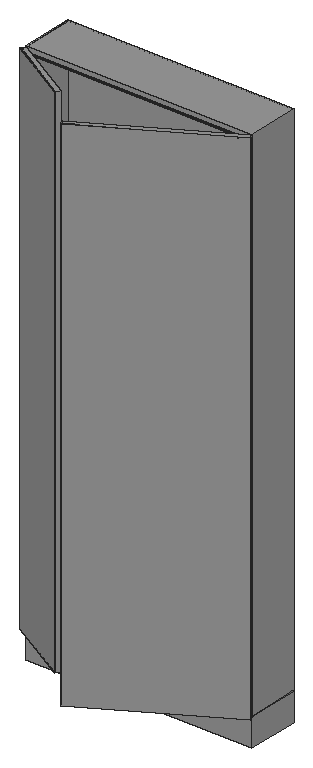
Revit family "Hager-Univers-IP54-D205-H1950-Cl.I-Encl-NoHosted-CH-en", category Equipement électrique, Revit 2020
Family settings
  Configuration du panneau = Deux colonnes, circuits au sein
  Cote de connecteur circulaire = Utiliser le diamètre
  Type d'élément = Tableau de raccordement
  Basée sur le plan de construction = Oui
  Toujours verticalement = Oui
  Couper avec des vides une fois chargée = Non
  Partagée = Non
  Point de calcul de pièce = Non
Parameters (values of type "Floor installation IP54 W800 H1950 D205  - FP23TW2")
  Width Control [instance] = if([EF000008 - Width] > Min Width, [EF000008 - Width], Min Width)  # 800 mm
  Commentaires du type = [HG000003 - Range]  # "Univers"
  Thickness Door [instance] = if([EF009171 - Material plate thickness door/cover] > 3 mm, 3 mm, [EF009171 - Material plate thickness door/cover])  # 1 mm
  Seal Frame Offset [instance] = 17 mm  # constant formula
  Plinth Visibility [instance] = [HG000027 - Plinth height] > 0 mm  # yes
  Min Width [instance] = 100 mm  # constant formula
  Min Depth [instance] = (2 * [EF009170 - Material plate thickness cabinet]) + 1 mm  # 3 mm
  Min Height [instance] = 100 mm  # constant formula
  Internal Frame Depth [instance] = (Door System Depth * 0.5)  # 9 mm
  Panel Name [instance] = ""  # (empty or 0)
  Model = ""
  HG000027 - Plinth height = 100 mm
  HG000026 - Floor standing = yes
  HG000024 - Bottom section height = 600 mm
  HG000023 - Double section enclosure = no
  HG000016 - Door 3d visibility [instance] = yes
  HG000015 - Clearance visibility [instance] = no
  HG000014 - Door on the right [instance] = yes
  HG000013 - Door on the left [instance] = not([HG000014 - Door on the right])  # no
  HG000012 - Door swing angle [instance] = 30.00°
  HG000010 - Asymmetric doors = yes
  HG000009 - Double swing door = yes
  HG000006 - Flush mounted = no
  HG000004 - Manufacturer reference = "FP23TW2"
  HG000003 - Range = "Univers"
  HG000002 - With door or cover = yes
  Frame Offset Bottom [instance] = 10 mm  # constant formula
  Frame Offset [instance] = 15 mm  # constant formula
  EF015940 - Cover with overpressure release = no
  EF011959 - Degree of protection (NEMA) = ""
  EF009554 - Number of openings for flange plates = 6
  EF009212 - Cover model = "EV000116 - Closed"
  EF009171 - Material plate thickness door/cover = 1 mm
  EF009170 - Material plate thickness cabinet = 1 mm
  EF008873 - Nominal current (In) = 400 A
  EF007800 - Suitable for lightning protection = no
  EF006306 - With lock = no
  EF006244 - Transparent cover/door = no
  EF005474 - Degree of protection (IP) = "EV006419 - IP54"
  EF004464 - Type of door = "EV002646 - Single"
  EF004427 - Number of modules = 432
  EF004293 - Impact strength = "EV006815 - IK09"
  EF003532 - Suitable for outdoor use = no
  EF002950 - Width in number of modular spacings = 36
  EF001613 - Circuit integrity = "EV000494 - None"
  EF001596 - Material housing = "EV000179 - Steel"
  EF001131 - Internal depth = 205 mm
  EF001088 - Extension possible = yes
  EF000437 - Number of conduit inlets = 6
  EF000339 - Type of cover = "EV001012 - Cover"
  EF000266 - Number of rows = 12
  EF000218 - Built-in depth = 0 mm
  EF000118 - With mounting plate = no
  EF000116 - RAL-number = "9010"
  EF000049 - Depth = 205 mm
  EF000040 - Height = 1950 mm
  EF000008 - Width = 800 mm
  EF000007 - Colour = "EV000202 - White"
  EF000003 - Mounting method = "EV012274 - Floor installation"
  Door System Leaf Tolerance [instance] = 1.5 mm  # constant formula
  Door System Depth [instance] = 18 mm  # constant formula
  Door Height [instance] = Height Control - [HG000027 - Plinth height]  # 1850 mm
  Description = ""
  Default Elevation = 1219.2 mm
  Connector Offset [instance] = Height Control / 2  # 975 mm
  Fabricant = "Hager"  # constant formula
  Height Control [instance] = if([EF000040 - Height] > Min Height, [EF000040 - Height], Min Height)  # 1950 mm
  Depth Control [instance] = if([EF000049 - Depth] > Min Depth, [EF000049 - Depth], Min Depth)  # 205 mm
  Bottom Top Plate Trim [instance] = 1.5 mm  # constant formula
  Plinth height Ctrl [instance] = if([HG000027 - Plinth height] > 0 mm, [HG000027 - Plinth height], 12 mm)  # 100 mm
Types (4, lengths in mm): name | Width Control | HG000010 - Asymmetric doors | HG000009 - Double swing door | HG000004 - Manufacturer reference | EF009554 - Number of openings for flange plates | EF008873 - Nominal current (In) | EF004464 - Type of door | EF004427 - Number of modules | EF002950 - Width in number of modular spacings | EF000437 - Number of conduit inlets | EF000008 - Width
  Floor installation IP54 W1300 H1950 D205  - FP25TW2 | 1300 | yes | yes | "FP25TW2" | 10 | 400 A | "EV003602 - Double" | 720 | 60 | 10 | 1300
  Floor installation IP54 W300 H1950 D205  - FP21TW2 | 300 | no | no | "FP21TW2" | 2 | 250 A | "EV002646 - Single" | 144 | 12 | 2 | 300
  Floor installation IP54 W550 H1950 D205  - FP22TW2 | 550 | no | no | "FP22TW2" | 4 | 400 A | "EV002646 - Single" | 288 | 24 | 4 | 550
  Floor installation IP54 W800 H1950 D205  - FP23TW2 | 800 | yes | yes | "FP23TW2" | 6 | 400 A | "EV002646 - Single" | 432 | 36 | 6 | 800
Reference planes
  plane 1 "Center (Front/Back)": y = 0
  plane 2: z = 0
  plane 3 "Center (Left/Right)": x = 0
  plane 4: y = 0
  plane 5: y = 0
  plane 6: z = 0
  plane 7: x = -400
  plane 8: x = 400
  plane 9: x = 399
  plane 10: x = -399
  plane 11: z = 100
  plane 12: z = 101
  plane 13: y = -205
  plane 14: y = -1
  plane 15: x = 0
  plane 16: y = -187
  plane 17: y = -204
  plane 18: y = -186
  plane 19: x = -384
  plane 20: x = 384
  plane 21: z = 111
  plane 22: x = -383
  plane 23: x = 383
  plane 24: z = 100
  plane 25: z = 1950
  plane 26: z = 1950
  plane 27: z = 1934
  plane 28: z = 1949
Forms (mm)
  Extrusion 1, solid, material "Hager_Steel_RAL7035_Light_Grey", detail levels medium+fine
    sketch origin (-208.679, -4572, 100) x (-1, 0, 0) y (0, -1, 0)
      loop
        line (191.321, -4385) -> (-608.679, -4385) -> (-608.679, -4572) -> (191.321, -4572) -> (191.321, -4385)
    from 0 to 1850
  Extrusion 2, void
    sketch origin (-350.771, -205, 1219.2) x (1, 0, 0) y (0, 0, 1)
      loop
        line (-48.229, 729.8) -> (-48.229, -1118.2) -> (749.771, -1118.2) -> (749.771, 729.8) -> (-48.229, 729.8)
    from -19 to -204
  Extrusion 3, void
    sketch origin (-290.084, -187, 1219.2) x (1, 0, 0) y (0, 0, 1)
      loop
        line (-93.916, -1108.2) -> (674.084, -1108.2) -> (674.084, 714.8) -> (-93.916, 714.8) -> (-93.916, -1108.2)
    from 0 to -1
  Extrusion 4, solid, material "Hager_Steel_RAL7035_Light_Grey", visible <- "Plinth Visibility", detail levels medium+fine
    sketch origin (0, 0, 0) x (1, 0, 0) y (0, 1, 0)
      loop
        line (-400, 0) -> (-400, -187) -> (400, -187) -> (400, 0) -> (-400, 0)
    from 0 to 100 <- "Plinth height Ctrl"
  Extrusion 5, solid, material "Hager_Steel_RAL7035_Light_Grey", detail levels coarse
    sketch origin (0, 0, 0) x (1, 0, 0) y (0, 1, 0)
      loop
        line (-400, 0) -> (-400, -205) -> (400, -205) -> (400, 0) -> (-400, 0)
    from 0 to 1950 <- "Height Control"
  Sweep 6, void
    path in 3D
      loop
        line (-400, -187, 100) -> (400, -187, 100) -> (400, 0, 100) -> (-400, 0, 100) -> (-400, -187, 100)
    profile origin (-400, -93.5, 100) x (1, 0, 0) y (0, 0, 1)
      loop
        line (0, 0) -> (0, -1.5) -> (1.5, -1.5)
        arc (1.5, -1.5) -> (1.061, -0.439) -> (0, 0) r 1.5
  Extrusion 7, solid, material "Hager_Steel_RAL7035_Light_Grey", detail levels fine
    sketch origin (-400, -187, 100) x (1, 0, 0) y (0, 0, 1)
      loop
        line (16, 11) -> (784, 11) -> (784, 1834) -> (16, 1834) -> (16, 11)
      loop
        line (15, 10) -> (785, 10) -> (785, 1835) -> (15, 1835) -> (15, 10)
    from 0 to 9 <- "Internal Frame Depth"
Cuts and joins
  Extrusion 2, Extrusion 3 cuts Extrusion 1
  Sweep 6 cuts Extrusion 4
Lines and regions (mm)
  Masking region 1
    outline origin (0, 0, 0) x (1, 0, 0) y (0, 1, 0)
      loop
        line (-400, 0) -> (-400, -205) -> (400, -205) -> (400, 0) -> (-400, 0)
  Masking region 2, detail levels coarse
    outline origin (-290.084, -187, 1219.2) x (-1, 0, 0) y (0, 0, 1)
      loop
        line (-690.084, -1219.2) -> (109.916, -1219.2) -> (109.916, 730.8) -> (-690.084, 730.8) -> (-690.084, -1219.2)
  Masking region 3, detail levels coarse
    outline origin (0, 0, 0) x (0, 1, 0) y (0, 0, 1)
      loop
        line (0, 0) -> (0, 1950) -> (-205, 1950) -> (-205, 0) -> (0, 0)
  Masking region 4, visible <- "Plinth Visibility", detail levels medium+fine
    outline origin (0, 0, 0) x (0, 1, 0) y (0, 0, 1)
      loop
        line (-1.5, 100) -> (-185.5, 100)
        arc (-185.5, 100) -> (-185.939, 98.939) -> (-187, 98.5) r 1.5
        line (-187, 98.5) -> (-187, 0) -> (0, 0) -> (0, 98.5)
        arc (0, 98.5) -> (-1.061, 98.939) -> (-1.5, 100) r 1.5
  Masking region 5, detail levels medium+fine
    outline origin (0, 0, 594.038) x (0, 1, 0) y (0, 0, 1)
      loop
        line (0, -494.038) -> (0, 1355.962) -> (-187, 1355.962) -> (-187, -494.038) -> (0, -494.038)
  Masking region 6, detail levels medium+fine
    outline origin (-359.7, -187, 1211.883) x (-1, 0, 0) y (0, 0, 1)
      loop
        line (-759.7, -1111.883) -> (40.3, -1111.883) -> (40.3, 738.117) -> (-759.7, 738.117) -> (-759.7, -1111.883)
  Masking region 7, visible <- "Plinth Visibility", detail levels medium+fine
    outline origin (-320.334, -187, 1041.368) x (-1, 0, 0) y (0, 0, 1)
      loop
        line (-720.334, -1041.368) -> (79.666, -1041.368) -> (79.666, -942.868)
        arc (79.666, -942.868) -> (78.606, -942.429) -> (78.166, -941.368) r 1.5
        line (78.166, -941.368) -> (-718.834, -941.368)
        arc (-718.834, -941.368) -> (-719.273, -942.429) -> (-720.334, -942.868) r 1.5
        line (-720.334, -942.868) -> (-720.334, -1041.368)
  sketch lines
    curve 1: line (-400, 0, 100) -> (-400, -187, 100)
    curve 2: line (-400, -187, 100) -> (400, -187, 100)
    curve 3: line (400, 0, 100) -> (-400, 0, 100)
    curve 4: line (400, -187, 100) -> (400, 0, 100)
Dimensions and locks
  locked: plane 1 "Center (Front/Back)" to plane 5
  "EF009170 - Material plate thickness cabinet": plane 7 to plane 10
  "EF009170 - Material plate thickness cabinet": plane 8 to plane 9
  equal spacing: plane 7, plane 3 "Center (Left/Right)", plane 8
  "Width Control": plane 7 to plane 8
  "Depth Control": plane 4 to plane 13
  "EF009170 - Material plate thickness cabinet": plane 4 to plane 14
  "Height Control": plane 25 to level
  "HG000027 - Plinth height": plane 11 to level
  "EF009170 - Material plate thickness cabinet": plane 12 to plane 11
  "EF009170 - Material plate thickness cabinet": plane 17 to plane 13
  "EF009170 - Material plate thickness cabinet": plane 18 to plane 16
  "Frame Offset Bottom": plane 21 to plane 12
  "Frame Offset": plane 10 to plane 19
  "Frame Offset": plane 9 to plane 20
  "Door System Depth": plane 16 to plane 13
  "Seal Frame Offset": plane 7 to plane 22
  "Seal Frame Offset": plane 8 to plane 23
  "EF009170 - Material plate thickness cabinet": plane 26 to plane 28
  "Frame Offset": plane 28 to plane 27
  "Connector Offset": plane 2 to connector elem
  "Bottom Top Plate Trim": profile plane to Sweep 6 sketch curve
  "Bottom Top Plate Trim": Sweep 6 sketch curve to Sweep 6 sketch curve
  "Plinth height Ctrl": Masking region 4 sketch curve to level
  "Plinth height Ctrl": Masking region 7 sketch curve to level
  "Thickness Door": Extrusion 7 sketch curve to Extrusion 7 sketch curve  (x4)
  "Bottom Top Plate Trim": radius of Sweep 6 sketch curve
  "Bottom Top Plate Trim": radius of Masking region 4 sketch curve  (x2)
  "Bottom Top Plate Trim": radius of Masking region 7 sketch curve  (x2)
  aligned and locked: Extrusion 2 sketch curve to plane 12
  aligned and locked: Extrusion 2 sketch curve to plane 9
  aligned and locked: Extrusion 2 sketch curve to plane 10
  aligned and locked: Extrusion 2 to plane 14
  aligned and locked: Extrusion 1 sketch curve to plane 4
  aligned and locked: plane 8 to Extrusion 1 sketch curve
  aligned and locked: plane 7 to Extrusion 1 sketch curve
  aligned and locked: Extrusion 2 to plane 18
  aligned and locked: Extrusion 3 sketch curve to plane 19
  aligned and locked: plane 20 to Extrusion 3 sketch curve
  aligned and locked: Extrusion 3 to Extrusion 2
  aligned and locked: Extrusion 3 sketch curve to plane 21
  aligned and locked: plane 3 "Center (Left/Right)" to nested 1
  aligned and locked: Extrusion 1 sketch curve to plane 16
  aligned and locked: Extrusion 4 sketch curve to cut or joined group of Extrusion 1, Extrusion 2, Extrusion 3
  aligned and locked: Masking region 1 sketch curve to plane 7
  aligned and locked: Masking region 1 sketch curve to plane 5
  aligned and locked: Masking region 1 sketch curve to plane 8
  aligned and locked: Masking region 2 sketch curve to level
  aligned and locked: level to Masking region 3 sketch curve
  aligned and locked: plane 1 "Center (Front/Back)" to Masking region 3 sketch curve
  aligned and locked: plane 13 to Masking region 3 sketch curve
  aligned and locked: plane 5 to Masking region 4 sketch curve
  aligned and locked: Masking region 2 sketch curve to plane 8
  aligned and locked: Masking region 2 sketch curve to plane 7
  aligned and locked: plane 7 to nested 2
  aligned and locked: nested 2 to plane 5
  aligned and locked: plane 5 to Masking region 5 sketch curve
  aligned and locked: plane 26 to Masking region 5 sketch curve
  aligned and locked: Extrusion 5 sketch curve to plane 8
  aligned and locked: Extrusion 5 sketch curve to plane 7
  aligned and locked: Extrusion 5 sketch curve to plane 5
  aligned and locked: Extrusion 3 sketch curve to plane 27
  aligned and locked: Extrusion 2 sketch curve to plane 28
  aligned and locked: Masking region 2 to plane 25
  aligned and locked: Extrusion 4 to plane 16
  aligned and locked: profile plane to Sweep 6 sketch curve
  aligned and locked: Masking region 5 sketch curve to plane 24
  aligned and locked: level to Masking region 4 sketch curve
  aligned and locked: Masking region 1 to plane 13
  aligned and locked: nested 1 to plane 16
  aligned and locked: Masking region 3 to plane 25
  aligned and locked: plane 16 to Masking region 4 sketch curve
  aligned and locked: Masking region 5 sketch curve to plane 16
  aligned and locked: plane 24 to plane 11
  aligned and locked: plane 26 to plane 25
  aligned and locked: plane 26 to cut or joined group of Extrusion 1, Extrusion 2, Extrusion 3
  aligned and locked: nested 1 to plane 24
  aligned and locked: Extrusion 1 to Extrusion 3
  aligned and locked: Masking region 6 sketch curve to plane 8
  aligned and locked: Masking region 6 sketch curve to plane 24
  aligned and locked: Masking region 6 sketch curve to plane 7
  aligned and locked: Masking region 6 sketch curve to plane 26
  aligned and locked: Masking region 7 sketch curve to plane 7
  aligned and locked: level to Masking region 7 sketch curve
  aligned and locked: Masking region 7 sketch curve to plane 8
  aligned and locked: Extrusion 7 sketch curve to cut or joined group of Extrusion 1, Extrusion 2, Extrusion 3  (x4)
Automatic sketch dimensions
  plane 19 to Extrusion 3 sketch curve = 0 mm
  Extrusion 3 sketch curve to plane 20 = 0 mm
  Extrusion 3 sketch curve to plane 21 = 0 mm
  Extrusion 4 sketch curve to plane 7 = 0 mm
  Extrusion 4 sketch curve to plane 8 = 0 mm
  Extrusion 4 sketch curve to plane 16 = 0 mm
  Masking region 1 sketch curve to plane 13 = 0 mm
  Masking region 2 sketch curve to plane 25 = 0 mm
  Masking region 3 sketch curve to plane 25 = 0 mm
  Extrusion 5 sketch curve to plane 13 = 0 mm
  profile plane to Sweep 6 sketch curve = 0 mm
Nested families
  nested 1: "EC000058_Univers_Door" at (0, -187, 100), Double <- "HG000009 - Double swing door", Transparent <- "EF006244 - Transparent cover/door", Angle <- "HG000012 - Door swing angle", Door_Right <- "HG000014 - Door on the right", Assymetrical <- "HG000010 - Asymmetric doors", Door <- "HG000002 - With door or cover", Width_Ctrl <- "Width Control", 3d_Door <- "HG000016 - Door 3d visibility", Clearance <- "HG000015 - Clearance visibility", Door_Left <- "HG000013 - Door on the left", Width <- "Width Control", Door_Depth <- "Door System Depth", Leaf_Tolerance <- "Door System Leaf Tolerance", Height <- "Door Height", Lock_Visibility <- "EF006306 - With lock", Thickness <- "Thickness Door", type "EC000058_Univers_Door", detail levels medium+fine
    with min_wh 3 mm, Width_Ctrl 800 mm, Width 800 mm, Transparent no, Thickness 1 mm, Seal_Material Hager_Rubber, Lock_Visibility no, Lock_Material Hager_Plastic_RAL9005_Jet_Black, Leaf_Width 800 mm, Leaf_Tolerance_External_Sides 0 mm, Leaf_Tolerance 1.5 mm, Leaf_Offset 0 mm, Leaf_Height 1847 mm, Leaf_2_Width 532.583 mm, Leaf_2_Offset 266.292 mm, Leaf_1_Width 265.917 mm, Leaf_1_Offset 132.958 mm, Height_Ctrl 1850 mm, Height 1850 mm, Glass_Material Hager_Glass, Double_Clearance_Ctrl no, Double yes, Door_Right_Ctrl yes, Door_Right yes, Door_Material Hager_Steel_RAL7035_Light_Grey, Door_Left_Ctrl yes, Door_Left no, Door_Depth 18 mm, Door yes, Clearance_Material Hager_Clearance, Clearance_Depth 532.583 mm, Clearance_Ctrl no, Clearance no, Assymetrical yes, Angle 30.00°, 3d_Door yes
  nested 2: "Hager_Enclosure_Symbol" at (-400, 0, 0), Height <- "Depth Control", Width <- "Width Control", type "Hager_Enclosure_Symbol"
    with Width_Ctrl 800 mm, Width 800 mm, Height_Ctrl 205 mm, Height 205 mm, A_Width_Int 13.453 mm, A_Width 161.438 mm, A_Height_Ctrl 179.375 mm, A_Height 179.375 mm
Connectors
  electrical at (0, 0, 975)
    settings: on plane 1 "Center (Front/Back)", index 1, voltage 0 V, apparent load 0 VA, apparent load phase1 0 VA, apparent load phase2 0 VA, apparent load phase3 0 VA, power factor 1, load classification "Other", number of poles 1, system type 30, power factor state 1, is connector primary yes, connector utility no, sub classification motor no, connector description ""
Definition of nested family "EC000058_Univers_Door"
  Parameters (values of type "EC000058_Univers_Door")
    min_wh [instance] = (2 * Thickness) + 1 mm  # 11 mm
    Width_Ctrl [instance] = 400 mm
    Width [instance] = 500 mm
    Transparent [instance] = yes
    Thickness [instance] = 5 mm
    Seal_Material [instance] = none
    Lock_Visibility [instance] = yes
    Lock_Material [instance] = none
    Leaf_Width [instance] = if((Width_Ctrl - 2 * Leaf_Tolerance_External_Sides) > 0 mm, (Width_Ctrl - 2 * Leaf_Tolerance_External_Sides), min_wh)  # 400 mm
    Leaf_Tolerance_External_Sides [instance] = 0 mm  # constant formula
    Leaf_Tolerance [instance] = 1.5 mm
    Leaf_Offset [instance] = 0 mm  # constant formula
    Leaf_Height [instance] = if((Height_Ctrl - 2 * Leaf_Tolerance) > 0 mm, (Height_Ctrl - 2 * Leaf_Tolerance), min_wh)  # 497 mm
    Leaf_2_Width [instance] = if(and(and(Double, Assymetrical), Door_Left), (Leaf_Width / 3) - (Leaf_Tolerance / 2), if(and(and(Double, Assymetrical), Door_Right), (Leaf_Width / 3) * 2 - (Leaf_Tolerance / 2), if(and(Double, not(Assymetrical)), (Leaf_Width / 2) - Leaf_Tolerance, Leaf_Width)))  # 400 mm
    Leaf_2_Offset [instance] = if(and(Double, Assymetrical), Leaf_2_Width / 2, if(and(Double, not(Assymetrical)), Leaf_Width / 4, Leaf_Width / 2))  # 200 mm
    Leaf_1_Width [instance] = if(and(and(Double, Assymetrical), Door_Right), (Leaf_Width / 3) - (Leaf_Tolerance / 2), if(and(and(Double, Assymetrical), Door_Left), (Width / 3) * 2 - (Leaf_Tolerance / 2), if(and(Double, not(Assymetrical)), (Leaf_Width / 2) - Leaf_Tolerance, Leaf_Width)))  # 400 mm
    Leaf_1_Offset [instance] = if(and(Double, Assymetrical), Leaf_1_Width / 2, if(and(Double, not(Assymetrical)), Leaf_Width / 4, Leaf_Width / 2))  # 200 mm
    Height_Ctrl [instance] = if(Height > min_wh, Height, min_wh)  # 500 mm
    Height [instance] = 500 mm
    Glass_Material [instance] = none
    Double_Clearance_Ctrl [instance] = and(Double, Clearance)  # no
    Double [instance] = no
    Door_Right_Ctrl [instance] = and(or(Door_Right, Double), Door)  # yes
    Door_Right [instance] = yes
    Door_Material [instance] = none
    Door_Left_Ctrl [instance] = and(or(Door_Left, Double), Door)  # no
    Door_Left [instance] = no
    Door_Depth [instance] = 30 mm
    Door [instance] = yes
    Default Elevation = 1219.2 mm
    Clearance_Material [instance] = none
    Clearance_Depth [instance] = if(Leaf_1_Width > Leaf_2_Width, Leaf_1_Width, Leaf_2_Width)  # 400 mm
    Clearance_Ctrl [instance] = and(not(Double), Clearance)  # yes
    Clearance [instance] = yes
    Assymetrical [instance] = yes
    Angle [instance] = 30.00°
    3d_Door [instance] = yes
  Reference planes
    plane 1 "Center (Front/Back)": y = 0
    plane 2 "Bottom": z = 0
    plane 3 "Center (Left/Right)": x = 0
    plane 4: z = 500
    plane 5: x = -200
    plane 6: x = 200
    plane 7: z = 500
    plane 8: x = -200
    plane 9: z = 0
    plane 10: x = 200
    plane 11: y = 0
    plane 12: z = 1.5
    plane 13: x = -600
    plane 14: y = -400
    plane 15: x = 600
    plane 16: x = 0
    plane 17: x = 0
    plane 18: x = -200
    plane 19: x = 200
    plane 20: z = 498.5
  Forms (mm)
    Extrusion 1, solid, material <- "Clearance_Material", visible <- "Double_Clearance_Ctrl"
      sketch origin (1200, 0, 0) x (1, 0, 0) y (0, 0, -1)
        loop
          line (-1800, -498.5) -> (-600, -498.5) -> (-600, 0) -> (-1800, 0) -> (-1800, -498.5)
      from 0 to -400
  Dimensions and locks
    equal spacing: plane 5, plane 3 "Center (Left/Right)", plane 6
    "Width_Ctrl": plane 5 to plane 6
    "Leaf_Offset": plane 5 to plane 8
    "Leaf_Offset": plane 6 to plane 10
    "Leaf_Offset": plane 9 to level
    "Leaf_Offset": plane 4 to plane 7
    "Height_Ctrl": plane 4 to level
    "Leaf_Tolerance": plane 12 to plane 9
    locked: plane 11 to plane 1 "Center (Front/Back)"
    "Leaf_1_Offset": plane 18 to plane 16
    "Leaf_2_Offset": plane 17 to plane 19
    "Leaf_1_Width": plane 13 to plane 8
    "Leaf_2_Width": plane 10 to plane 15
    "Clearance_Depth": plane 14 to plane 1 "Center (Front/Back)"
    "Leaf_Tolerance_External_Sides": plane 8 to plane 18
    "Leaf_Tolerance_External_Sides": plane 19 to plane 10
    "Leaf_Tolerance": plane 7 to plane 20
    aligned and locked: level to plane 2 "Bottom"
    aligned and locked: nested 1 to plane 16
    aligned and locked: nested 2 to plane 17
    aligned and locked: Extrusion 1 to plane 13
    aligned and locked: plane 15 to Extrusion 1
    aligned and locked: Extrusion 1 to plane 14
    aligned and locked: plane 12 to nested 1
    aligned and locked: nested 2 to plane 12
    aligned and locked: Extrusion 1 to plane 11
    aligned and locked: plane 20 to Extrusion 1
    aligned and locked: nested 2 to plane 11
    aligned and locked: nested 1 to plane 11
  Automatic sketch dimensions
    Extrusion 1 sketch curve to level = 0 mm
    plane 5 to Extrusion 1 sketch curve = 400 mm
    plane 6 to Extrusion 1 sketch curve = 400 mm
    Extrusion 1 sketch curve to plane 4 = 1.5 mm
  Nested families
    nested 1: "EC000058_Univers_Door_Leaf" at (0, 0, 1.5), Width <- "Leaf_1_Width", visible <- "Door_Left_Ctrl", Leaf_Height <- "Leaf_Height", Angle <- "Angle", 3d_Door <- "3d_Door", Transparent <- "Transparent", Clearance Material <- "Clearance_Material", Clearance <- "Clearance_Ctrl", Door_Material <- "Door_Material", Glass_Material <- "Glass_Material", Door_Depth <- "Door_Depth", Lock_Material <- "Lock_Material", Seal_Material <- "Seal_Material", Lock_Visibility <- "Lock_Visibility", Thickness <- "Thickness", type "EC000058_Univers_Door_Leaf"
      with Width 400 mm, Transparent_Glass_Offset 30 mm, Transparent_Ctrl yes, Transparent yes, Thickness 5 mm, Standard no, Seal_Material none, Seal_D2 8 mm, Seal_D1 1 mm, Offset_Internal_Frame 10 mm, Lock_Width 20 mm, Lock_Visibility_3d yes, Lock_Visibility yes, Lock_Thickness_3 3 mm, Lock_Thickness_2 1 mm, Lock_Thickness_1 3 mm, Lock_Radius_Offset_2 16 mm, Lock_Radius_Offset_1 15 mm, Lock_Radius_2 5 mm, Lock_Radius 6 mm, Lock_Offset 5 mm, Lock_Material none, Lock_Height 80 mm, Lock_Cover_Top_Offset_2d 17 mm, Lock_Cover_Height -65 mm, Leaf_Height 497 mm, Internal_Seal_Thickness 8 mm, Internal_Seal_Depth_2 4.5 mm, Internal_Frame_Depth 25 mm, Glass_Thickness -1 mm, Glass_Offset -2 mm, Glass_Material none, Door_Material none, Door_Depth 30 mm, Clearance Material none, Clearance yes, Angle_Ctrl 30.00°, Angle 30.00°, 3d_Door yes
    nested 2: "EC000058_Univers_Door_Leaf" at (0, 0, 1.5) x (-1, 0, 0) z (0, 0, 1), Width <- "Leaf_2_Width", visible <- "Door_Right_Ctrl", Leaf_Height <- "Leaf_Height", Angle <- "Angle", 3d_Door <- "3d_Door", Transparent <- "Transparent", Clearance Material <- "Clearance_Material", Clearance <- "Clearance_Ctrl", Door_Material <- "Door_Material", Glass_Material <- "Glass_Material", Door_Depth <- "Door_Depth", Lock_Material <- "Lock_Material", Seal_Material <- "Seal_Material", Lock_Visibility <- "Lock_Visibility", Thickness <- "Thickness", type "EC000058_Univers_Door_Leaf"
      with Width 400 mm, Transparent_Glass_Offset 30 mm, Transparent_Ctrl yes, Transparent yes, Thickness 5 mm, Standard no, Seal_Material none, Seal_D2 8 mm, Seal_D1 1 mm, Offset_Internal_Frame 10 mm, Lock_Width 20 mm, Lock_Visibility_3d yes, Lock_Visibility yes, Lock_Thickness_3 3 mm, Lock_Thickness_2 1 mm, Lock_Thickness_1 3 mm, Lock_Radius_Offset_2 16 mm, Lock_Radius_Offset_1 15 mm, Lock_Radius_2 5 mm, Lock_Radius 6 mm, Lock_Offset 5 mm, Lock_Material none, Lock_Height 80 mm, Lock_Cover_Top_Offset_2d 17 mm, Lock_Cover_Height -65 mm, Leaf_Height 497 mm, Internal_Seal_Thickness 8 mm, Internal_Seal_Depth_2 4.5 mm, Internal_Frame_Depth 25 mm, Glass_Thickness -1 mm, Glass_Offset -2 mm, Glass_Material none, Door_Material none, Door_Depth 30 mm, Clearance Material none, Clearance yes, Angle_Ctrl 30.00°, Angle 30.00°, 3d_Door yes
  Definition of nested family "EC000058_Univers_Door_Leaf"
    Parameters (values of type "EC000058_Univers_Door_Leaf")
      Width [instance] = 2000 mm
      Transparent_Glass_Offset [instance] = 30 mm
      Transparent_Ctrl [instance] = and(Transparent, [3d_Door])  # yes
      Transparent [instance] = yes
      Thickness [instance] = 5 mm
      Standard [instance] = and(not(Transparent), [3d_Door])  # no
      Seal_Material [instance] = none
      Seal_D2 [instance] = 8 mm  # constant formula
      Seal_D1 [instance] = 1 mm  # constant formula
      Offset_Internal_Frame [instance] = 10 mm  # constant formula
      Lock_Width [instance] = 20 mm  # constant formula
      Lock_Visibility_3d [instance] = and(Lock_Visibility, [3d_Door])  # yes
      Lock_Visibility [instance] = yes
      Lock_Thickness_3 [instance] = 3 mm  # constant formula
      Lock_Thickness_2 [instance] = 1 mm  # constant formula
      Lock_Thickness_1 [instance] = 3 mm  # constant formula
      Lock_Radius_Offset_2 [instance] = Lock_Radius_Offset_1 + 1 mm  # 16 mm
      Lock_Radius_Offset_1 [instance] = 15 mm  # constant formula
      Lock_Radius_2 [instance] = Lock_Radius - 1 mm  # 5 mm
      Lock_Radius [instance] = 6 mm  # constant formula
      Lock_Offset [instance] = 5 mm  # constant formula
      Lock_Material [instance] = none
      Lock_Height [instance] = 80 mm  # constant formula
      Lock_Cover_Top_Offset_2d [instance] = Lock_Radius_Offset_2 + 1 mm  # 17 mm
      Lock_Cover_Height [instance] = -(Lock_Height - Lock_Radius_Offset_1)  # -65 mm
      Leaf_Height [instance] = 2720.336 mm
      Internal_Seal_Thickness [instance] = 8 mm  # constant formula
      Internal_Seal_Depth_2 [instance] = 4.5 mm  # constant formula
      Internal_Frame_Depth [instance] = if(Door_Depth - Thickness > 5 mm, Door_Depth - Thickness, 5 mm)  # 25 mm
      Glass_Thickness [instance] = if(Thickness > 15 mm, Glass_Offset + 10 mm, -1 mm)  # -1 mm
      Glass_Offset [instance] = if(Thickness > 15 mm, -(Thickness + 10 mm) / 2, -2 mm)  # -2 mm
      Glass_Material [instance] = none
      Door_Material [instance] = none
      Door_Depth [instance] = 30 mm
      Default Elevation = 0 mm
      Clearance Material [instance] = none
      Clearance [instance] = yes
      Angle_Ctrl [instance] = if(Angle > 180.00°, 180.00°, Angle)  # 90.00°
      Angle [instance] = 90.00°
      3d_Door [instance] = yes
    Reference planes
      plane 1 "Center (Front/Back)": y = 0
      plane 2: z = 0
      plane 3 "Center (Left/Right)": x = 0
      plane 4: y = 2000
      plane 5: x = -1000
      plane 6: x = 1000
      plane 7: x = -3000
      plane 8: z = 2720.336
      plane 9: z = 30
      plane 10: z = 2690.336
      plane 11: x = 970
      plane 12: x = -970
      plane 13: y = -3
      plane 14: z = 107.833
      plane 15: y = -5
      plane 16: y = -223.314
      plane 17: x = -1000
      plane 18: z = 1360.168
      plane 19: y = 30
    Forms (mm)
      Extrusion 1, solid, material <- "Clearance Material", visible <- "Clearance"
        sketch origin (0, 0, 0) x (1, 0, 0) y (0, 0, 1)
          loop
            line (-3000, 2720.336) -> (-3000, 0) -> (1000, 0) -> (1000, 2720.336) -> (-3000, 2720.336)
        from 0 to -2000
      Extrusion 2, solid, material <- "Door_Material", visible <- "Standard", detail levels medium+fine
        sketch origin (-1000, 0, 0) x (0, 1, 0) y (-1, 0, 0)
          loop
            line (0, 30) -> (0, 25) -> (2000, 25) -> (2000, 30) -> (0, 30)
        from 0 to 2720.336 <- "Leaf_Height"
      Extrusion 3, solid, material <- "Door_Material", visible <- "Transparent_Ctrl", detail levels medium+fine
        sketch origin (-1000, 0, 0) x (0, 1, 0) y (-1, 0, 0)
          loop
            line (0, 25) -> (2000, 25) -> (2000, 30) -> (0, 30) -> (0, 25)
        from 0 to 2720.336 <- "Leaf_Height"
      Extrusion 4, void
        sketch origin (-1025, 2000, 0) x (0, 1, 0) y (0, 0, -1)
          loop
            line (-30, -2690.336) -> (-30, -30) -> (-1970, -30) -> (-1970, -2690.336) -> (-30, -2690.336)
        from 0 to 5 <- "Thickness"
      Sweep 5, solid, material <- "Seal_Material", visible <- "Transparent_Ctrl", detail levels fine
        path in 3D
          loop
            line (-1025, 30, 30) -> (-1025, 30, 2690.336) -> (-1025, 1970, 2690.336) -> (-1025, 1970, 30) -> (-1025, 30, 30)
        profile origin (-1025, 1000, 30) x (1, 0, 0) y (0, 0, 1)
          loop
            line (0, 0) -> (0, -8) -> (1, -8) -> (1, 0) -> (0, 0)
      Extrusion 6, solid, material <- "Glass_Material", visible <- "Transparent_Ctrl", detail levels medium+fine
        sketch origin (-1030, 0, 0) x (0, 1, 0) y (0, 0, -1)
          loop
            line (1970, -2690.336) -> (1970, -30) -> (30, -30) -> (30, -2690.336) -> (1970, -2690.336)
        from -2 <- "Glass_Offset" to -1 <- "Glass_Thickness"
      Extrusion 7, solid, material <- "Door_Material", visible <- "3d_Door", detail levels medium+fine
        sketch origin (-1025, 2000, 0) x (0, -1, 0) y (0, 0, -1)
          loop
            line (0, -2720.336) -> (2000, -2720.336) -> (2000, 0) -> (0, 0) -> (0, -2720.336)
          loop
            line (1995, -5) -> (5, -5) -> (5, -2715.336) -> (1995, -2715.336) -> (1995, -5)
        from 0 to 25 <- "Internal_Frame_Depth"
      Sweep 8, solid, material <- "Seal_Material", visible <- "Transparent_Ctrl", detail levels fine
        path in 3D
          loop
            line (-1025, 0, 0) -> (-1025, 2000, 0) -> (-1025, 2000, 2720.336) -> (-1025, 0, 2720.336) -> (-1025, 0, 0)
        profile origin (-1025, 0, 1360.168) x (1, 0, 0) y (0, 1, 0)
          loop
            line (0, 10) -> (2.975, 10)
            arc (2.975, 10) -> (4.053, 10.447) -> (4.5, 11.525) r 1.525
            line (4.5, 11.525) -> (4.5, 16.527)
            arc (4.5, 16.527) -> (4.069, 17.569) -> (3.027, 18) r 1.473
            line (3.027, 18) -> (0, 18) -> (0, 10)
      Extrusion 9, solid, material <- "Lock_Material", visible <- "Lock_Visibility_3d", detail levels fine
        sketch origin (-1030, 0, 0) x (0, 1, 0) y (0, 0, -1)
          loop
            arc (1993.5, -1400.168) -> (1994.561, -1399.729) -> (1995, -1398.668) r 1.5
            line (1995, -1398.668) -> (1995, -1320.168) -> (1975, -1320.168) -> (1975, -1398.668)
            arc (1975, -1398.668) -> (1975.439, -1399.729) -> (1976.5, -1400.168) r 1.5
            line (1976.5, -1400.168) -> (1993.5, -1400.168)
        from 3 <- "Lock_Thickness_1" to 0
      Blend 10, solid, material <- "Lock_Material", visible <- "Lock_Visibility_3d", detail levels fine
        base sketch origin (-1033, 0, 0) x (0, 1, 0) y (0, 0, -1)
          loop
            line (1975, -1320.168) -> (1975, -1398.668)
            arc (1975, -1398.668) -> (1975.439, -1399.729) -> (1976.5, -1400.168) r 1.5
            line (1976.5, -1400.168) -> (1993.5, -1400.168)
            arc (1993.5, -1400.168) -> (1994.561, -1399.729) -> (1995, -1398.668) r 1.5
            line (1995, -1398.668) -> (1995, -1320.168) -> (1975, -1320.168)
        top sketch origin (-1033, 0, 0) x (0, 1, 0) y (0, 0, -1)
          loop
            line (1976, -1320.168) -> (1976, -1398.668)
            arc (1976, -1398.668) -> (1976.146, -1399.022) -> (1976.5, -1399.168) r 0.5
            line (1976.5, -1399.168) -> (1993.5, -1399.168)
            arc (1993.5, -1399.168) -> (1993.854, -1399.022) -> (1994, -1398.668) r 0.5
            line (1994, -1398.668) -> (1994, -1320.168) -> (1976, -1320.168)
        from 0 to 1 <- "Lock_Thickness_2"
      Blend 11, solid, material <- "Lock_Material", visible <- "Lock_Visibility_3d", detail levels fine
        base sketch origin (-1034, 0, 0) x (0, 1, 0) y (0, 0, -1)
          loop
            line (1978, -1320.168) -> (1978, -1384.168)
            arc (1978, -1384.168) -> (1985, -1391.168) -> (1992, -1384.168) r 7
            line (1992, -1384.168) -> (1992, -1320.168) -> (1978, -1320.168)
        top sketch origin (-1034, 0, 0) x (0, 1, 0) y (0, 0, -1)
          loop
            line (1991, -1320.168) -> (1979, -1320.168) -> (1979, -1383.168)
            arc (1979, -1383.168) -> (1985, -1389.168) -> (1991, -1383.168) r 6
            line (1991, -1383.168) -> (1991, -1320.168)
        from 0 to 3 <- "Lock_Thickness_3"
      Extrusion 12, solid, material <- "Lock_Material", visible <- "Lock_Visibility_3d", detail levels fine
        sketch origin (-1030, 1975, 1320.168) x (1, 0, 0) y (0, -1, 0)
          loop
            line (-7, -19) -> (-7, -1) -> (0, -1) -> (0, 0) -> (-8, 0) -> (-8, -20) -> (0, -20) -> (0, -19) -> (-7, -19)
        from 0 to -65 <- "Lock_Cover_Height"
      Extrusion 13, void
        sketch origin (-1038, 1995, 1320.168) x (-1, 0, 0) y (0, 0, -1)
          loop
            line (-5, -65) -> (0, -65) -> (-5, -60) -> (-5, -65)
        from 0 to 20 <- "Lock_Width"
      Extrusion 14, void
        sketch origin (-1038, 1975, 1320.168) x (0, -1, 0) y (0, 0, -1)
          loop
            circle (-10, -15.995) r 6
          loop
            circle (-10, -15.995) r 5
        from 0 to 2
      Extrusion 15, solid, material <- "Lock_Material", visible <- "Lock_Visibility_3d", detail levels medium
        sketch origin (-1030, 0, 0) x (0, 1, 0) y (0, 0, -1)
          loop
            arc (1993.5, -1400.168) -> (1994.561, -1399.729) -> (1995, -1398.668) r 1.5
            line (1995, -1398.668) -> (1995, -1320.168) -> (1975, -1320.168) -> (1975, -1398.668)
            arc (1975, -1398.668) -> (1975.439, -1399.729) -> (1976.5, -1400.168) r 1.5
            line (1976.5, -1400.168) -> (1993.5, -1400.168)
        from 8 to 0
    Cuts and joins
      Extrusion 4 cuts Extrusion 3
      Extrusion 13, Extrusion 14 cuts Extrusion 9
      Extrusion 14 cuts Blend 11
      Extrusion 13, Extrusion 14 cuts Extrusion 12
      joined: Extrusion 9, Blend 10, Blend 11, Extrusion 12
      Extrusion 14 cuts Extrusion 15
    Lines and regions (mm)
      Masking region 1, visible <- "Lock_Visibility", detail levels fine
        outline origin (0, 0, 0) x (0, 1, 0) y (0, 0, 1)
          loop
            line (30, 1320.168) -> (33, 1320.168) -> (33, 1400.168) -> (30, 1400.168) -> (30, 1320.168)
      Masking region 2, visible <- "Lock_Visibility", detail levels fine
        outline origin (0, 3.143, 0) x (0, 1, 0) y (0, 0, 1)
          loop
            line (29.857, 1354.168) -> (30.857, 1354.168) -> (30.857, 1366.168) -> (29.857, 1366.168) -> (29.857, 1354.168)
      Masking region 3, detail levels medium+fine
        outline origin (0, 0, 0) x (0, 1, 0) y (0, 0, 1)
          loop
            line (0, 0) -> (30, 0) -> (30, 2720.336) -> (0, 2720.336) -> (0, 0)
      Masking region 4, detail levels medium+fine
        outline origin (0, 0, 0) x (1, 0, 0) y (0, 0, 1)
          loop
            line (-1000, 2720.336) -> (-1000, 0) -> (1000, 0) -> (1000, 2720.336) -> (-1000, 2720.336)
      Masking region 5, visible <- "Lock_Visibility", detail levels fine
        outline origin (-47.116, 0, 0) x (1, 0, 0) y (0, 0, 1)
          loop
            arc (1024.616, 1399.168) -> (1023.556, 1398.729) -> (1023.116, 1397.668) r 1.5
            line (1023.116, 1397.668) -> (1023.116, 1320.168) -> (1041.116, 1320.168) -> (1041.116, 1397.668)
            arc (1041.116, 1397.668) -> (1040.677, 1398.729) -> (1039.616, 1399.168) r 1.5
            line (1039.616, 1399.168) -> (1024.616, 1399.168)
      Masking region 6, visible <- "Lock_Visibility", detail levels medium+fine
        outline origin (-25, 0, 0) x (1, 0, 0) y (0, 0, 1)
          loop
            arc (1001.5, 1400.168) -> (1000.439, 1399.729) -> (1000, 1398.668) r 1.5
            line (1000, 1398.668) -> (1000, 1320.168) -> (1020, 1320.168) -> (1020, 1398.668)
            arc (1020, 1398.668) -> (1019.561, 1399.729) -> (1018.5, 1400.168) r 1.5
            line (1018.5, 1400.168) -> (1001.5, 1400.168)
      Masking region 7, visible <- "Lock_Visibility", detail levels fine
        outline origin (-73.735, 0, 0) x (1, 0, 0) y (0, 0, 1)
          loop
            line (1051.735, 1382.168) -> (1065.735, 1382.168) -> (1065.735, 1384.168)
            arc (1065.735, 1384.168) -> (1058.735, 1391.168) -> (1051.735, 1384.168) r 7
            line (1051.735, 1384.168) -> (1051.735, 1382.168)
      Masking region 8, visible <- "Lock_Visibility", detail levels fine
        outline origin (-73.735, 0, 0) x (1, 0, 0) y (0, 0, 1)
          loop
            line (1052.735, 1382.168) -> (1064.735, 1382.168) -> (1064.735, 1383.168)
            arc (1064.735, 1383.168) -> (1058.735, 1389.168) -> (1052.735, 1383.168) r 6
            line (1052.735, 1383.168) -> (1052.735, 1382.168)
      Masking region 9, visible <- "Lock_Visibility", detail levels fine
        outline origin (-25, 0, 0) x (1, 0, 0) y (0, 0, 1)
          loop
            line (1020, 1320.168) -> (1020, 1382.168) -> (1000, 1382.168) -> (1000, 1320.168) -> (1020, 1320.168)
      Masking region 10, detail levels medium+fine
        outline origin (0, 0, 0) x (1, 0, 0) y (0, 0, 1)
          loop
            circle (985, 1335.144) r 6
      Masking region 11, detail levels fine
        outline origin (0, 0, 0) x (1, 0, 0) y (0, 0, 1)
          loop
            circle (985, 1335.144) r 5
      Masking region 12, visible <- "Lock_Visibility", detail levels fine
        outline origin (0, 12.767, 0) x (0, 1, 0) y (0, 0, 1)
          loop
            line (20.233, 1320.168) -> (21.233, 1320.168) -> (21.233, 1399.168) -> (20.233, 1400.168) -> (20.233, 1320.168)
      Masking region 13, visible <- "Lock_Visibility", detail levels fine
        outline origin (0, 13.767, -10) x (0, 1, 0) y (0, 0, 1)
          loop
            line (20.233, 1330.168) -> (23.233, 1330.168) -> (23.233, 1399.168) -> (20.233, 1402.168) -> (20.233, 1330.168)
      Masking region 14, visible <- "Lock_Visibility", detail levels fine
        outline origin (0, 12.767, -10) x (0, 1, 0) y (0, 0, 1)
          loop
            line (20.233, 1330.168) -> (25.233, 1330.168) -> (25.233, 1399.305) -> (20.233, 1394.305) -> (20.233, 1330.168)
      Masking region 15, visible <- "Lock_Visibility", detail levels medium
        outline origin (0, 0, 0) x (0, 1, 0) y (0, 0, 1)
          loop
            line (30, 1320.168) -> (38, 1320.168) -> (38, 1400.168) -> (30, 1400.168) -> (30, 1320.168)
      Masking region 16, visible <- "Lock_Visibility", detail levels fine
        outline origin (-1000, 0, 0) x (0, 1, 0) y (-1, 0, 0)
          loop
            line (1975, 30) -> (1995, 30) -> (1995, 38) -> (1975, 38) -> (1975, 30)
          loop
            line (1979, 37) -> (1976, 37) -> (1976, 34) -> (1978, 34) -> (1979, 37)
          loop
            line (1994, 37) -> (1991, 37) -> (1992, 34) -> (1994, 34) -> (1994, 37)
      Masking region 17, visible <- "Lock_Visibility", detail levels medium
        outline origin (-1000, 0, 0) x (0, 1, 0) y (-1, 0, 0)
          loop
            line (1975, 30) -> (1995, 30) -> (1995, 38) -> (1975, 38) -> (1975, 30)
      symbolic lines
        curve 1: line (1000, 0, 0) -> (-3000, 0, 0)
        curve 2: arc (1000, 0, 0) -> (-1000, 2000, 0) -> (-3000, 0, 0) r 2000
        curve 4: line (-1030, 0, 0) -> (-1030, 2000, 0)
      reference lines
        curve 3: line (-1000, 0, 0) -> (-1000, 2000, 0)
      symbolic lines, detail levels medium+fine
        curve 5: line (-1030, 2000, 0) -> (-1025, 2000, 0)
        curve 7: line (-1025, 0, 0) -> (-1030, 0, 0)
        curve 8: line (-1025, 0, 0) -> (-1000, 0, 0)
        curve 9: line (-1000, 0, 0) -> (-1000, 2000, 0)
        curve 10: line (-1000, 2000, 0) -> (-1025, 2000, 0)
      symbolic lines, detail levels fine
        curve 6: line (-1025, 2000, 0) -> (-1025, 0, 0)
      sketch lines
        curve 11: line (-1025, 0, 2720.336) -> (-1025, 0, 0)
        curve 12: line (-1025, 2000, 0) -> (-1025, 0, 0)
        curve 13: line (-1025, 2000, 2720.336) -> (-1025, 2000, 0)
        curve 14: line (-1025, 0, 2720.336) -> (-1025, 2000, 2720.336)
        curve 15: line (-1025, 1970, 30) -> (-1025, 30, 30)
        curve 16: line (-1025, 30, 30) -> (-1025, 30, 2690.336)
        curve 17: line (-1025, 1970, 2690.336) -> (-1025, 1970, 30)
        curve 18: line (-1025, 30, 2690.336) -> (-1025, 1970, 2690.336)
      symbolic lines, visible <- "Transparent", detail levels medium+fine
        curve 19: line (-970, 0, 2690.336) -> (970, 0, 2690.336)
        curve 20: line (-970, 0, 30) -> (-970, 0, 2690.336)
        curve 21: line (970, 0, 30) -> (-970, 0, 30)
        curve 22: line (970, 0, 2690.336) -> (970, 0, 30)
    Dimensions and locks
      "Width": plane 1 "Center (Front/Back)" to plane 4
      equal spacing: plane 5, plane 3 "Center (Left/Right)", plane 6
      "Width": plane 5 to plane 6
      "Width": plane 7 to plane 5
      "Leaf_Height": plane 8 to level
      "Width": curve 5 to curve 3
      "Width": curve 3 to curve 3
      plane 8 to plane 10 = 30 mm
      plane 9 to level = 30 mm
      plane 12 to plane 5 = 30 mm
      plane 6 to plane 11 = 30 mm
      Extrusion 1 to Extrusion 4 sketch curve = 30 mm
      "Transparent_Glass_Offset": curve 3 to Extrusion 4 sketch curve
      "Transparent_Glass_Offset": Extrusion 4 sketch curve to cut or joined group of Extrusion 3, Extrusion 4  (x2)
      cut or joined group of Extrusion 3, Extrusion 4 to Extrusion 6 sketch curve = 30 mm
      "Transparent_Glass_Offset": cut or joined group of Extrusion 3, Extrusion 4 to Extrusion 4 sketch curve
      "Thickness": curve 6 to curve 4
      "Thickness": Extrusion 7 sketch curve to Extrusion 7 sketch curve  (x4)
      "Door_Depth": curve 4 to curve 3
      "Offset_Internal_Frame": profile plane to Sweep 8 sketch curve
      "Internal_Seal_Thickness": Sweep 8 sketch curve to Sweep 8 sketch curve
      "Internal_Seal_Depth_2": profile plane to Sweep 8 sketch curve
      "Seal_D1": profile plane to Sweep 5 sketch curve
      "Seal_D2": profile plane to Sweep 5 sketch curve
      "Thickness": Extrusion 2 sketch curve to Extrusion 2 sketch curve
      equal spacing: Extrusion 9 sketch curve, plane 18, Extrusion 9 sketch curve  (x2)
      equal spacing: Masking region 1 sketch curve, plane 18, Masking region 1 sketch curve
      "Lock_Height": Masking region 1 sketch curve to Masking region 1 sketch curve
      "Lock_Radius": Masking region 2 sketch curve to plane 18 to Masking region 2 sketch curve
      Masking region 2 sketch curve to Masking region 1 = 1 mm
      "Door_Depth": plane 19 to plane 1 "Center (Front/Back)"
      "Lock_Thickness_1": Masking region 1 sketch curve to plane 19
      "Lock_Width": Extrusion 9 sketch curve to Extrusion 9 sketch curve
      "Lock_Height": Extrusion 9 sketch curve to Extrusion 9 sketch curve
      "Lock_Offset": cut or joined group of Extrusion 3, Extrusion 4 to Extrusion 9 sketch curve
      equal spacing: plane 8, plane 18, level
      "Lock_Radius_Offset_1": Blend 11 sketch curve to Blend 10
      locked: Blend 10 to Blend 11 sketch curve at 2  (x2)
      locked: var sketch to Blend 11 sketch curve at 1  (x2)
      "Lock_Radius_Offset_2": Blend 11 sketch curve to Blend 10
      locked: Extrusion 12 sketch curve to Extrusion 12 sketch curve at 1  (x3)
      Masking region 6 sketch curve to Masking region 6 sketch curve = 80 mm
      "Lock_Height": Masking region 6 sketch curve to Masking region 6 sketch curve
      "Lock_Width": Masking region 6 sketch curve to Masking region 6 sketch curve
      locked: Masking region 6 to Masking region 5 sketch curve at 1  (x3)
      locked: Masking region 5 to Masking region 7 sketch curve at 2  (x2)
      "Lock_Radius_Offset_1": Masking region 5 to Masking region 7 sketch curve
      "Lock_Radius_Offset_2": Masking region 5 to Masking region 8 sketch curve
      locked: Masking region 7 to Masking region 8 sketch curve at 1  (x2)
      "Lock_Cover_Top_Offset_2d": Masking region 5 to Masking region 9 sketch curve
      equal spacing: Masking region 9, Masking region 10 sketch curve, Masking region 9
      equal spacing: Masking region 9, Masking region 11 sketch curve, Masking region 9
      Extrusion 15 sketch curve to Extrusion 15 sketch curve = 80 mm
      "Lock_Width": Extrusion 15 sketch curve to Extrusion 15 sketch curve
      "Lock_Height": Extrusion 15 sketch curve to Extrusion 15 sketch curve
      equal spacing: Extrusion 15 sketch curve, plane 18, Extrusion 15 sketch curve
      "Lock_Thickness_3": Masking region 13 sketch curve to Masking region 13 sketch curve
      "Lock_Height": Masking region 12 sketch curve to Masking region 12 sketch curve
      locked: Masking region 13 sketch curve to Masking region 1 at 8
      locked: Masking region 14 sketch curve to Masking region 13 at 1
      locked: Masking region 14 sketch curve to Masking region 1 at 10.863
      "Lock_Height": Masking region 15 sketch curve to Masking region 15 sketch curve
      "Lock_Offset": Extrusion 15 sketch curve to cut or joined group of Extrusion 3, Extrusion 4
      "Lock_Offset": plane 6 to Masking region 6 sketch curve
      radius of Sweep 8 sketch curve = 1.525 mm
      radius of Sweep 8 sketch curve = 1.473 mm
      radius of Extrusion 9 sketch curve = 1.5 mm  (x2)
      "Lock_Radius": radius of Extrusion 14 sketch curve
      "Lock_Radius_2": radius of Extrusion 14 sketch curve
      "Lock_Radius": radius of Masking region 10 sketch curve
      "Lock_Radius_2": radius of Masking region 11 sketch curve
      radius of Extrusion 15 sketch curve = 1.5 mm  (x2)
      "Angle_Ctrl": angle plane 1 "Center (Front/Back)" to curve 3
      locked: Masking region 12 sketch curve to Masking region 12 sketch curve (angle 45.00°)
      locked: Masking region 13 sketch curve to Masking region 13 sketch curve (angle 45.00°)
      locked: Masking region 14 sketch curve to Masking region 14 sketch curve (angle 45.00°)
      aligned and locked: level to plane 2
      aligned and locked: Extrusion 1 to curve 1
      aligned and locked: plane 6 to Extrusion 1
      aligned and locked: Extrusion 1 to plane 1 "Center (Front/Back)"
      aligned and locked: plane 4 to Extrusion 1
      aligned and locked: plane 8 to Extrusion 1
      aligned and locked: curve 7 to Extrusion 2 sketch curve
      aligned and locked: curve 5 to Extrusion 2 sketch curve
      aligned and locked: curve 7 to Extrusion 3 sketch curve
      aligned and locked: Extrusion 3 sketch curve to curve 4
      aligned and locked: Extrusion 3 sketch curve to curve 6
      aligned and locked: Extrusion 3 sketch curve to curve 5
      aligned and locked: curve 9 to curve 3
      aligned and locked: Extrusion 7 sketch curve to cut or joined group of Extrusion 3, Extrusion 4  (x4)
      aligned and locked: plane 17 to curve 3
      aligned and locked: plane 1 "Center (Front/Back)" to curve 3
      aligned and locked: plane 17 to plane 5
      aligned and locked: Sweep 8 sketch curve to profile plane
      aligned and locked: Sweep 5 sketch curve to profile plane  (x2)
      aligned and locked: Masking region 1 to Masking region 2 sketch curve
      aligned and locked: plane 19 to Masking region 1 sketch curve
      aligned and locked: plane 1 "Center (Front/Back)" to Masking region 3 sketch curve
      aligned and locked: plane 19 to Masking region 3 sketch curve
      aligned and locked: level to Masking region 3 sketch curve
      aligned and locked: Masking region 3 sketch curve to plane 8
      aligned and locked: plane 17 to Masking region 4 sketch curve
      aligned and locked: level to Masking region 4 sketch curve
      aligned and locked: Masking region 4 sketch curve to plane 8
      aligned and locked: plane 12 to curve 20
      aligned and locked: plane 10 to curve 19
      aligned and locked: plane 11 to curve 22
      aligned and locked: curve 21 to plane 9
      aligned and locked: Extrusion 2 sketch curve to cut or joined group of Extrusion 3, Extrusion 4
      aligned and locked: Blend 10 sketch curve to Extrusion 9  (x4)
      aligned and locked: Extrusion 9 to Blend 10 sketch curve
      aligned and locked: Blend 10 to Blend 11 sketch curve
      aligned and locked: Extrusion 12 sketch curve to Blend 11
      aligned and locked: Extrusion 12 sketch curve to Extrusion 9  (x4)
      aligned and locked: Masking region 5 sketch curve to Masking region 6
      aligned and locked: Masking region 9 sketch curve to Masking region 6  (x3)
      aligned and locked: Masking region 12 sketch curve to Masking region 1
      aligned and locked: Masking region 13 sketch curve to Masking region 1
      aligned and locked: Masking region 12 to Masking region 14
      aligned and locked: Masking region 14 sketch curve to Masking region 1
      aligned and locked: Masking region 15 sketch curve to Masking region 14
      aligned and locked: Masking region 13 sketch curve to Masking region 12
      aligned and locked: Masking region 16 sketch curve to cut or joined group of Extrusion 14, Extrusion 15  (x4)
      aligned and locked: Masking region 16 sketch curve to cut or joined group of Extrusion 9, Blend 10, Blend 11, Extrusion 12, Extrusion 13, Extrusion 14  (x6)
      aligned and locked: cut or joined group of Extrusion 9, Blend 10, Blend 11, Extrusion 12, Extrusion 13, Extrusion 14 to Masking region 16 sketch curve
      aligned and locked: Masking region 17 sketch curve to cut or joined group of Extrusion 14, Extrusion 15  (x3)
      aligned and locked: Masking region 17 sketch curve to cut or joined group of Extrusion 9, Blend 10, Blend 11, Extrusion 12, Extrusion 13, Extrusion 14
      aligned and locked: Masking region 9 to Masking region 8 sketch curve
      aligned and locked: Masking region 9 to Masking region 7 sketch curve
    Automatic sketch dimensions
      plane 1 "Center (Front/Back)" to curve 2 = 0 mm
      curve 2 to plane 5 = 0 mm
      Extrusion 1 sketch curve to level = 0 mm
      Extrusion 1 sketch curve to plane 7 = 0 mm
      Extrusion 1 sketch curve to plane 6 = 0 mm
      Extrusion 1 sketch curve to plane 8 = 0 mm
      Extrusion 3 to Extrusion 6 sketch curve = 30 mm  (x4)
      Masking region 4 sketch curve to plane 6 = 0 mm
      Blend 10 sketch curve to Extrusion 9 = 1.5 mm
      Blend 10 sketch curve to Extrusion 9 = 1 mm
      Extrusion 13 sketch curve to Extrusion 12 = 0 mm  (x2)
      Extrusion 12 to Extrusion 13 sketch curve = 3 mm
      Extrusion 13 sketch curve to Extrusion 12 = 5 mm
      Extrusion 14 sketch curve to Extrusion 14 sketch curve = 0 mm  (x2)
      Extrusion 14 sketch curve to Extrusion 12 = 10 mm
      Extrusion 14 sketch curve to Extrusion 12 = 15.995 mm
      Masking region 5 sketch curve to Masking region 5 sketch curve = 1.5 mm  (x2)
      Masking region 10 sketch curve to plane 18 = 25.024 mm
      Masking region 11 sketch curve to plane 18 = 25.024 mm
      plane 19 to Masking region 14 sketch curve = 3 mm
      Masking region 16 sketch curve to Masking region 16 sketch curve = 3 mm
      curve 4 to curve 3 = 0 mm
      Blend 10 to Blend 11 sketch curve = 0 mm
      Masking region 6 sketch curve to Masking region 6 sketch curve = 1.5 mm  (x2)
      Masking region 6 sketch curve to plane 18 = 40 mm
      plane 19 to Masking region 12 sketch curve = 3 mm
      Masking region 12 sketch curve to Masking region 12 sketch curve = 1 mm
      Masking region 15 sketch curve to plane 19 = 0 mm
      Masking region 15 sketch curve to plane 18 = 40 mm
      radius of Blend 10 sketch curve to Extrusion 9 = 1 mm
Definition of nested family "Hager_Enclosure_Symbol"
  Parameters (values of type "Hager_Enclosure_Symbol")
    Width_Ctrl [instance] = if(Width > 1 mm, Width, 1 mm)  # 102.27 mm
    Width [instance] = 102.27 mm
    Height_Ctrl [instance] = if(Height > 1 mm, Height, 1 mm)  # 66.5 mm
    A_Width_Int [instance] = if(A_Width / 12 > 2 mm, A_Width / 12, 2 mm)  # 4.364 mm
    A_Width [instance] = if(A_Height_Ctrl * 0.9 > 2 mm, A_Height_Ctrl * 0.9, 2 mm)  # 52.369 mm
    A_Height_Ctrl [instance] = if(A_Height > 2 mm, A_Height, 2 mm)  # 58.188 mm
    Height [instance] = 66.5 mm
    A_Height [instance] = Height - (Height / 8)  # 58.188 mm
  Reference planes
    plane 1 "Centre (avant/arrière)": y = 0
    plane 2: z = 0
    plane 3 "Centre (gauche/droite)": x = 0
    plane 4: x = 52.369
    plane 5: y = 33.042
    plane 6: y = 41.77
    plane 7: y = 66.5
    plane 8: x = 26.184
    plane 9: y = 37.406
    plane 10: x = 102.27
    plane 11: y = 66.5
    plane 12: y = 8.313
  Lines and regions (mm)
    Filled region 1, type "Solid_Black", in view "Niveau de réf."
      outline origin (0, 0, 0) x (1, 0, 0) y (0, 1, 0)
        loop
          line (52.369, 66.5) -> (33.188, 54.536) -> (45.365, 45.006) -> (52.369, 66.5)
    Filled region 2, type "Solid_Black", in view "Niveau de réf."
      outline origin (0, 0, 0) x (1, 0, 0) y (0, 1, 0)
        loop
          line (0, 0) -> (102.27, 0) -> (102.27, 66.5) -> (0, 0)
    detail lines, in view "Niveau de réf."
      curve 1: line (0, 8.313, 0) -> (26.184, 41.77, 0)
      curve 2: line (26.184, 41.77, 0) -> (26.184, 33.042, 0)
      curve 3: line (26.184, 33.042, 0) -> (52.369, 66.5, 0)
  Dimensions and locks
    "A_Width": plane 3 "Centre (gauche/droite)" to plane 4
    equal spacing: plane 3 "Centre (gauche/droite)", plane 8, plane 4
    equal spacing: plane 6, plane 9, plane 5
    equal spacing: curve 3, Filled region 1 sketch curve, Filled region 1 sketch curve
    "Height_Ctrl": plane 1 "Centre (avant/arrière)" to plane 11
    "A_Height_Ctrl": plane 11 to plane 12
    equal spacing: plane 11, plane 9, plane 12
    "A_Width_Int": plane 6 to plane 9
    "Width_Ctrl": plane 3 "Centre (gauche/droite)" to plane 10
    angle Filled region 1 sketch curve to curve 3 = 20.00°
    angle curve 3 to Filled region 1 sketch curve = 20.00°
    locked: curve 3 to Filled region 1 sketch curve (angle 90.00°)
    aligned and locked: plane 10 to Filled region 2
    aligned and locked: plane 11 to Filled region 2 sketch curve
    aligned and locked: plane 10 to Filled region 2 sketch curve
    aligned and locked: plane 3 "Centre (gauche/droite)" to curve 1
    aligned and locked: plane 12 to curve 1
    aligned and locked: plane 7 to plane 11
  Automatic sketch dimensions
    Filled region 1 sketch curve to plane 4 = 0 mm
    Filled region 1 sketch curve to plane 7 = 0 mm
    plane 1 "Centre (avant/arrière)" to Filled region 2 sketch curve = 0 mm
    Filled region 2 sketch curve to plane 3 "Centre (gauche/droite)" = 0 mm
    curve 2 to plane 6 = 0 mm
    curve 2 to plane 8 = 0 mm
    curve 3 to plane 4 = 0 mm
    curve 2 to plane 5 = 0 mm
    curve 3 to plane 7 = 0 mm
